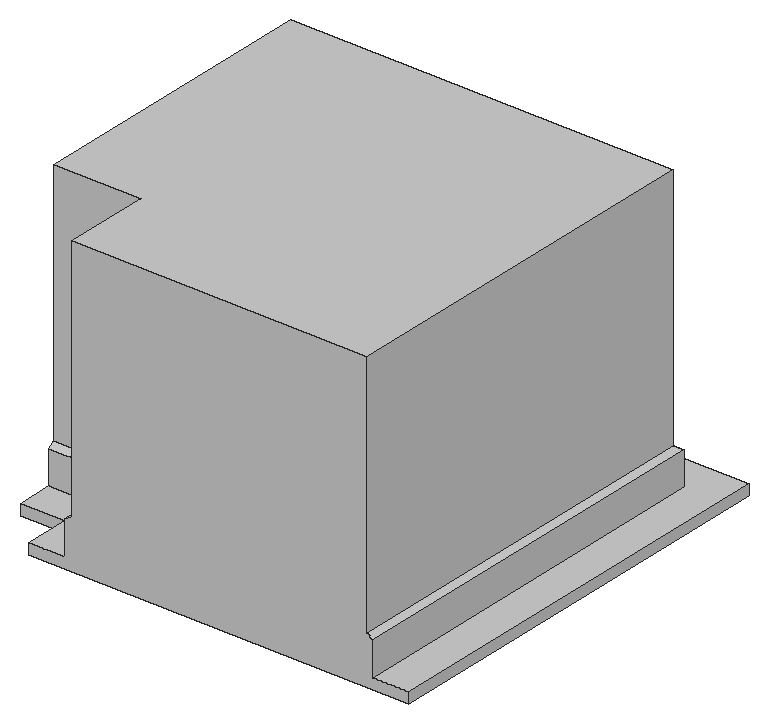
Revit family "LAMP_FIL 70 LED ACC RECESSED 90º CORNER", category Luminarias, Revit 2015
Parameters (values of type "GREY")
  Weight = 0.24 kg
  Product datasheet = "https://www.lamp.es/product-files/TECH/F7REHCG-EN.pdf"
  Product code = "F7REHCG"
  Modelo = Product code  # "F7REHCG"
  Material [instance] = LAMP_Aluminio Perfil Fil GR
  Manufacturer name = "LAMP"
  Manufacturer country = "Spain"
  Manufacturer URL = "http://www.lamp.es/en"
  Last update = "18/08/2020"
  Installation instructions = ""
  Finish = "Gloss grey"
  Fabricante = Manufacturer name  # "LAMP"
  Descripción = "FIL 70 ACC. REC 90º CORNER GR."
  Accessory Type = "Assembly"
Types (2, lengths in mm): name | Product datasheet | Product code | Modelo | Material | Finish | Descripción
  GREY | "https://www.lamp.es/product-files/TECH/F7REHCG-EN.pdf" | "F7REHCG" | "F7REHCG" | LAMP_Aluminio Perfil Fil GR | "Gloss grey" | "FIL 70 ACC. REC 90º CORNER GR."
  WHITE | "https://www.lamp.es/product-files/TECH/F7REHCW-EN.pdf" | "F7REHCW" | "F7REHCW" | LAMP_Aluminio Perfil Fil BL | "Matt white" | "FIL 70 ACC. REC 90º CORNER WH."
Reference planes
  plane 1 "Eje de origen de luz (F/P)": y = 0
  plane 2: z = 0
  plane 3 "Eje de origen de luz (I/D)": x = 0
  plane 4 "Techo": z = 4000
  plane 5 "Elevación de origen de luz": z = 3700
  plane 6: x = 100.5
  plane 7: y = -100
Forms (mm)
  Sweep 1, solid, material "LAMP_Aluminio Perfil Fil GR" <- "Material"
    path origin (-10, 0, 4000) x (0, 1, 0) y (-1, 0, 0)
      loop
        line (-8, -10) -> (-8, -102) -> (-100, -102)
    profile origin (46, -8, 4000) x (0, 1, 0) y (0, 0, 1)
      loop
        line (-71.5, 67.5) -> (-71.5, 8.936) -> (-73, 8) -> (-73, 0) -> (-81.5, 0) -> (-81.5, -2.5) -> (8.5, -2.5) -> (8.5, 0) -> (0, 0) -> (0, 8) -> (-1.5, 8.936) -> (-1.5, 67.5) -> (-71.5, 67.5)
Text (mm)
  text "Any modification of the parameters and properties of the LAMP BIM models must be executed and validated by the LAMP technical department.\n\nPhone: +34 93 736 68 00\n\nE-mail: lamp@lamp.es\n\n\n\nLAMP reserves the right to modify the technical specifications of its products." at (14238.37, -8150.626, 8855.257), in view "Preview"
Dimensions and locks
  equal spacing: host sketch curve, plane 3 "Eje de origen de luz (I/D)", host sketch curve
  equal spacing: host sketch curve, plane 1 "Eje de origen de luz (F/P)", host sketch curve
  host sketch curve to host sketch curve = 4000 mm  (x2)
  locked: plane 4 "Techo" to host ceiling at 0
  plane 3 "Eje de origen de luz (I/D)" to plane 6 = 100.5 mm  (x2)
  plane 7 to plane 1 "Eje de origen de luz (F/P)" = 100 mm  (x2)
  plane 5 "Elevación de origen de luz" to plane 4 "Techo" = 300 mm
  aligned and locked: plane 3 "Eje de origen de luz (I/D)" to Sweep 1
  aligned and locked: plane 7 to Sweep 1
  aligned and locked: plane 6 to Sweep 1
